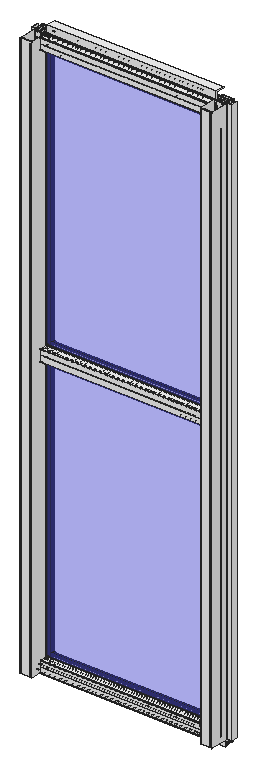
Revit family "Facade_60_Curtain_Wall_E12_Custom", category Windows, host Wall, Revit 2014 (continued)
Definition of nested family "F60 Vertical Profile Side_E12_Cust"
  Automatic sketch dimensions
    Extrusion 10 sketch curve to Extrusion 10 sketch curve = 15.584 mm  (x2)
    Extrusion 10 sketch curve to Extrusion 10 sketch curve = 0.808 mm  (x2)
    Extrusion 10 sketch curve to Extrusion 10 sketch curve = 3.038 mm
    Extrusion 10 sketch curve to Extrusion 10 sketch curve = 0.865 mm
    Extrusion 10 sketch curve to Extrusion 10 sketch curve = 1.25 mm  (x5)
    Extrusion 10 sketch curve to Extrusion 10 sketch curve = 0.61 mm
    plane 1 "Center (Front/Back)" to Extrusion 10 sketch curve = 31.288 mm
    Extrusion 10 sketch curve to Extrusion 10 sketch curve = 0.362 mm
    plane 1 "Center (Front/Back)" to Extrusion 10 sketch curve = 31.65 mm
    Extrusion 10 sketch curve to Extrusion 10 sketch curve = 0.962 mm
    Extrusion 10 sketch curve to Extrusion 10 sketch curve = 0.85 mm
    Extrusion 10 sketch curve to Extrusion 10 sketch curve = 0.512 mm  (x2)
    Extrusion 10 sketch curve to Extrusion 10 sketch curve = 0.4 mm  (x2)
    Extrusion 10 sketch curve to Extrusion 10 sketch curve = 1 mm
    Extrusion 10 sketch curve to Extrusion 10 sketch curve = 2.8 mm
    Extrusion 10 sketch curve to Extrusion 10 sketch curve = 0 mm  (x2)
    Extrusion 10 sketch curve to Extrusion 10 sketch curve = 1.4 mm
    Extrusion 10 sketch curve to Extrusion 10 sketch curve = 0.539 mm  (x2)
    plane 1 "Center (Front/Back)" to Extrusion 10 sketch curve = 28.864 mm
    Extrusion 11 sketch curve to plane 3 "Center (Left/Right)" = 0 mm
    plane 3 "Center (Left/Right)" to Extrusion 11 sketch curve = 0.65 mm
    Extrusion 11 sketch curve to Extrusion 11 sketch curve = 0.128 mm  (x2)
    plane 3 "Center (Left/Right)" to Extrusion 11 sketch curve = 1.014 mm
    plane 3 "Center (Left/Right)" to Extrusion 11 sketch curve = 1.05 mm
    Extrusion 11 sketch curve to Extrusion 11 sketch curve = 0.469 mm  (x2)
    Extrusion 11 sketch curve to Extrusion 11 sketch curve = 1.079 mm
    Extrusion 11 sketch curve to Extrusion 11 sketch curve = 1.317 mm  (x2)
    Extrusion 11 sketch curve to Extrusion 11 sketch curve = 0 mm  (x3)
    plane 3 "Center (Left/Right)" to Extrusion 11 sketch curve = 3.85 mm
    Extrusion 11 sketch curve to Extrusion 11 sketch curve = 0.15 mm  (x2)
    Extrusion 11 sketch curve to Extrusion 11 sketch curve = 26 mm  (x2)
    Extrusion 11 sketch curve to Extrusion 11 sketch curve = 1.05 mm
    Extrusion 11 sketch curve to Extrusion 11 sketch curve = 0.707 mm
    Extrusion 11 sketch curve to Extrusion 11 sketch curve = 0.433 mm
    plane 1 "Center (Front/Back)" to Extrusion 11 sketch curve = 31.288 mm
    plane 1 "Center (Front/Back)" to Extrusion 11 sketch curve = 28.065 mm
    Extrusion 11 sketch curve to Extrusion 11 sketch curve = 1.314 mm
    Extrusion 11 sketch curve to Extrusion 11 sketch curve = 0.65 mm
    Extrusion 11 sketch curve to Extrusion 11 sketch curve = 0.5 mm  (x2)
    plane 1 "Center (Front/Back)" to Extrusion 11 sketch curve = 32.75 mm
    Extrusion 11 sketch curve to Extrusion 11 sketch curve = 0.1 mm  (x3)
    Extrusion 11 sketch curve to Extrusion 11 sketch curve = 1.1 mm  (x2)
    Extrusion 11 sketch curve to Extrusion 11 sketch curve = 8.608 mm
    Extrusion 11 sketch curve to Extrusion 11 sketch curve = 0.962 mm
    Extrusion 12 sketch curve to plane 3 "Center (Left/Right)" = 21.349 mm
    Extrusion 12 sketch curve to Extrusion 12 sketch curve = 6.35 mm
    plane 3 "Center (Left/Right)" to Extrusion 12 sketch curve = 10.403 mm
    plane 1 "Center (Front/Back)" to Extrusion 12 sketch curve = 35.567 mm
    plane 1 "Center (Front/Back)" to Extrusion 12 sketch curve = 10.171 mm
    plane 1 "Center (Front/Back)" to Extrusion 12 sketch curve = 3.821 mm
    Extrusion 13 sketch curve to plane 3 "Center (Left/Right)" = 21.35 mm
    Extrusion 13 sketch curve to Extrusion 13 sketch curve = 6.35 mm
    plane 3 "Center (Left/Right)" to Extrusion 13 sketch curve = 10.402 mm
    plane 1 "Center (Front/Back)" to Extrusion 13 sketch curve = 33.172 mm
    plane 1 "Center (Front/Back)" to Extrusion 13 sketch curve = 7.775 mm
    plane 1 "Center (Front/Back)" to Extrusion 13 sketch curve = 1.425 mm
    Extrusion 14 sketch curve to plane 3 "Center (Left/Right)" = 0 mm
    plane 3 "Center (Left/Right)" to Extrusion 14 sketch curve = 1.2 mm
    Extrusion 14 sketch curve to Extrusion 14 sketch curve = 9.6 mm
    Extrusion 14 sketch curve to Extrusion 14 sketch curve = 1.2 mm  (x3)
    plane 1 "Center (Front/Back)" to Extrusion 14 sketch curve = 25.775 mm
    plane 1 "Center (Front/Back)" to Extrusion 14 sketch curve = 8.975 mm
    curve 4 to Extrusion 6 = 0 mm
    curve 3 to Extrusion 6 = 0 mm
    curve 1 to Extrusion 6 = 0 mm
    curve 4 to Extrusion 6 = 3.6 mm
    curve 3 to Extrusion 6 = 3.6 mm
    curve 1 to Extrusion 6 = 3.6 mm
    Extrusion 6 to curve 2 = 1 mm
    Extrusion 6 to curve 5 = 1 mm
    Extrusion 6 to curve 6 = 1 mm
    curve 6 to Extrusion 6 = 1 mm
    curve 5 to Extrusion 6 = 1 mm
    curve 2 to Extrusion 6 = 1 mm
    curve 9 to Extrusion 6 = 0 mm
    curve 8 to Extrusion 6 = 0 mm
    curve 7 to Extrusion 6 = 0 mm
    Extrusion 6 to curve 8 = 3.6 mm
    Extrusion 6 to curve 9 = 3.6 mm
    Extrusion 6 to curve 7 = 3.6 mm
    curve 12 to Extrusion 5 = 25.894 mm
    curve 11 to Extrusion 5 = 25.894 mm
    curve 10 to Extrusion 5 = 25.894 mm
    curve 10 to Extrusion 5 = 0.108 mm
    Extrusion 5 to curve 12 = 0.703 mm
    Extrusion 5 to curve 11 = 0.703 mm
    curve 13 to Extrusion 5 = 4 mm
    curve 14 to Extrusion 5 = 4 mm
    curve 15 to Extrusion 5 = 4 mm
    Extrusion 5 to curve 15 = 0.702 mm
    Extrusion 5 to curve 14 = 0.702 mm
    Extrusion 5 to curve 13 = 0.702 mm
    curve 18 to Extrusion 7 = 0 mm
    curve 17 to Extrusion 7 = 0 mm
    curve 16 to Extrusion 7 = 0 mm
    Extrusion 7 to curve 17 = 3.6 mm
    Extrusion 7 to curve 18 = 3.6 mm
    Extrusion 7 to curve 16 = 3.6 mm
    Extrusion 7 to curve 21 = 1 mm  (x2)
    Extrusion 7 to curve 20 = 1 mm  (x2)
    Extrusion 7 to curve 19 = 1 mm  (x2)
    curve 24 to Extrusion 7 = 0 mm
    curve 23 to Extrusion 7 = 0 mm
    curve 22 to Extrusion 7 = 0 mm
    curve 24 to Extrusion 7 = 3.6 mm
    curve 23 to Extrusion 7 = 3.6 mm
    curve 22 to Extrusion 7 = 3.6 mm
    curve 27 to Extrusion 8 = 0 mm
    curve 26 to Extrusion 8 = 0 mm
    curve 25 to Extrusion 8 = 0 mm
    Extrusion 8 to curve 26 = 3.6 mm
    Extrusion 8 to curve 27 = 3.6 mm
    Extrusion 8 to curve 25 = 3.6 mm
    Extrusion 8 to curve 30 = 0.221 mm
    Extrusion 8 to curve 29 = 0.221 mm
    Extrusion 8 to curve 28 = 0.221 mm
    curve 29 to Extrusion 8 = 0.222 mm
    curve 30 to Extrusion 8 = 0.222 mm
    curve 28 to Extrusion 8 = 0.222 mm
    curve 33 to Extrusion 8 = 0 mm
    curve 32 to Extrusion 8 = 0 mm
    curve 31 to Extrusion 8 = 0 mm
    curve 33 to Extrusion 8 = 3.6 mm
    curve 32 to Extrusion 8 = 3.6 mm
    curve 31 to Extrusion 8 = 3.6 mm
    curve 34 to Extrusion 11 = 4.016 mm
    curve 35 to Extrusion 11 = 4.016 mm
    curve 36 to Extrusion 11 = 3.97 mm
    Extrusion 11 to curve 36 = 0.637 mm
    Extrusion 11 to curve 35 = 0.637 mm
    Extrusion 11 to curve 34 = 0.637 mm
    curve 37 to Extrusion 11 = 29.221 mm
    curve 38 to Extrusion 11 = 29.221 mm
    curve 39 to Extrusion 11 = 29.221 mm
    Extrusion 11 to curve 39 = 3.222 mm
    Extrusion 11 to curve 38 = 3.222 mm
    Extrusion 11 to curve 37 = 3.222 mm
Definition of nested family "F60 Horizontal Profile Top_E12_Cust"
  Parameters (values of type "F60 Horizontal Profile Top")
    Thermal Break Material [instance] = none
    Single Glazing [instance] = yes
    Profile Material [instance] = none
    Length [instance] = 250 mm
    Double Glazing [instance] = yes
  Reference planes
    plane 1 "Center (Front/Back)": y = 0
    plane 2: z = 0
    plane 3 "Center (Left/Right)": x = 0
  Forms (mm)
    Extrusion 1, solid, material <- "Profile Material"
      sketch origin (0, 0, 0) x (0, 1, 0) y (0, 0, 1)
        loop
          line (-9.94, 7.845) -> (-8.37, 6.275) -> (-1.2, 10.415) -> (-1.2, 1.2) -> (-5, 1.2) -> (-5, 0) -> (-1, 0)
          arc (-1, 0) -> (-0.293, 0.293) -> (0, 1) r 1
          line (0, 1) -> (0, 30) -> (0, 59)
          arc (0, 59) -> (-0.293, 59.707) -> (-1, 60) r 1
          line (-1, 60) -> (-5, 60) -> (-5, 58.8) -> (-1.2, 58.8) -> (-1.2, 49.585) -> (-8.37, 53.725) -> (-9.94, 52.155)
          arc (-9.94, 52.155) -> (-9.902, 51.269) -> (-9.016, 51.232) r 0.655
          line (-9.016, 51.232) -> (-8.077, 52.17) -> (-1.2, 48.2) -> (-1.2, 30) -> (-1.2, 11.8) -> (-8.077, 7.83) -> (-9.016, 8.768)
          arc (-9.016, 8.768) -> (-9.902, 8.731) -> (-9.94, 7.845) r 0.655
      from 0 to 250 <- "Length"
    Extrusion 2, solid, material <- "Profile Material"
      sketch origin (0, 0, 0) x (0, 1, 0) y (0, 0, 1)
        loop
          line (-5, 60) -> (-44.6, 60) -> (-44.6, 58.35) -> (-39.944, 58.35) -> (-39.944, 1.65) -> (-44.6, 1.65) -> (-44.6, 0) -> (-5, 0) -> (-5, 2.2) -> (-4.2, 2.2) -> (-4.2, 3.018)
          arc (-4.2, 3.018) -> (-4.352, 3.783) -> (-4.786, 4.432) r 2
          line (-4.786, 4.432) -> (-7.054, 6.7) -> (-8, 6.489) -> (-8, 5.7) -> (-7.205, 5.7) -> (-7.205, 2.95) -> (-8, 2.95) -> (-8, 1.95) -> (-12.752, 1.95) -> (-12.752, 6.7) -> (-14.152, 6.7) -> (-14.152, 1.65) -> (-38.65, 1.65) -> (-38.65, 8.33) -> (-37.097, 8.33) -> (-34.666, 6.973)
          arc (-34.666, 6.973) -> (-33.846, 7.192) -> (-34.066, 8.012) r 0.6
          line (-34.066, 8.012) -> (-37.128, 9.78) -> (-38.65, 9.78) -> (-38.65, 12.65) -> (-37.6, 13.7) -> (-37.6, 20.3) -> (-38.65, 21.35) -> (-38.65, 38.65) -> (-37.6, 39.7) -> (-37.6, 46.3) -> (-38.65, 47.35) -> (-38.65, 50.22) -> (-37.128, 50.22) -> (-34.066, 51.988)
          arc (-34.066, 51.988) -> (-33.846, 52.808) -> (-34.666, 53.027) r 0.6
          line (-34.666, 53.027) -> (-37.032, 51.661) -> (-38.65, 51.661) -> (-38.65, 58.35) -> (-14.152, 58.35) -> (-14.152, 53.3) -> (-12.752, 53.3) -> (-12.752, 58.05) -> (-8, 58.05) -> (-8, 57.05) -> (-7.205, 57.05) -> (-7.205, 54.3) -> (-8, 54.3) -> (-8, 53.511) -> (-7.054, 53.3) -> (-4.786, 55.568)
          arc (-4.786, 55.568) -> (-4.352, 56.217) -> (-4.2, 56.982) r 2
          line (-4.2, 56.982) -> (-4.2, 57.8) -> (-5, 57.8) -> (-5, 60)
      from 0 to 250 <- "Length"
    Extrusion 3, solid, material <- "Thermal Break Material"
      sketch origin (0, 0, 0) x (0, 1, 0) y (0, 0, 1)
        loop
          line (-40, 1.75) -> (-40, 30) -> (-40, 58.25) -> (-44.6, 58.25) -> (-44.6, 60) -> (-45.9, 60) -> (-45.9, 53.65) -> (-41.788, 53.65)
          arc (-41.788, 53.65) -> (-41.363, 53.474) -> (-41.187, 53.05) r 0.6
          line (-41.187, 53.05) -> (-41.187, 30) -> (-41.187, 6.95)
          arc (-41.187, 6.95) -> (-41.363, 6.526) -> (-41.788, 6.35) r 0.6
          line (-41.788, 6.35) -> (-45.9, 6.35) -> (-45.9, 0) -> (-44.6, 0) -> (-44.6, 1.75) -> (-40, 1.75)
      from 0 to 250 <- "Length"
    Extrusion 4, solid, material <- "Profile Material"
      sketch origin (0, 0, 0) x (0, 1, 0) y (0, 0, 1)
        loop
          line (-58.5, 25.249) -> (-43.6, 25.249)
          arc (-43.6, 25.249) -> (-43.034, 25.015) -> (-42.8, 24.449) r 0.8
          line (-42.8, 24.449) -> (-42.8, 7.9) -> (-44.4, 7.9) -> (-44.4, 9.45) -> (-45.25, 9.45)
          arc (-45.25, 9.45) -> (-45.674, 9.274) -> (-45.85, 8.85) r 0.6
          line (-45.85, 8.85) -> (-45.85, 7.9) -> (-48.8, 7.9)
          arc (-48.8, 7.9) -> (-49.3, 8.4) -> (-49.8, 7.9) r 0.5
          line (-49.8, 7.9) -> (-49.8, 5.55) -> (-48.65, 5.55) -> (-48.65, 6.7) -> (-47.35, 6.7) -> (-47.35, 1.2) -> (-48.65, 1.2) -> (-48.65, 2.35) -> (-49.8, 2.35) -> (-49.8, 0.5)
          arc (-49.8, 0.5) -> (-49.654, 0.146) -> (-49.3, 0) r 0.5
          line (-49.3, 0) -> (-45.9, 0) -> (-45.9, 6.45) -> (-42.2, 6.45)
          arc (-42.2, 6.45) -> (-41.634, 6.684) -> (-41.4, 7.25) r 0.8
          line (-41.4, 7.25) -> (-41.4, 30) -> (-41.4, 52.75)
          arc (-41.4, 52.75) -> (-41.634, 53.316) -> (-42.2, 53.55) r 0.8
          line (-42.2, 53.55) -> (-45.9, 53.55) -> (-45.9, 60) -> (-49.3, 60)
          arc (-49.3, 60) -> (-49.654, 59.854) -> (-49.8, 59.5) r 0.5
          line (-49.8, 59.5) -> (-49.8, 57.65) -> (-48.65, 57.65) -> (-48.65, 58.8) -> (-47.35, 58.8) -> (-47.35, 53.3) -> (-48.65, 53.3) -> (-48.65, 54.45) -> (-49.8, 54.45) -> (-49.8, 52.1)
          arc (-49.8, 52.1) -> (-49.3, 51.6) -> (-48.8, 52.1) r 0.5
          line (-48.8, 52.1) -> (-45.85, 52.1) -> (-45.85, 51.15)
          arc (-45.85, 51.15) -> (-45.674, 50.726) -> (-45.25, 50.55) r 0.6
          line (-45.25, 50.55) -> (-44.4, 50.55) -> (-44.4, 52.1) -> (-42.8, 52.1) -> (-42.8, 35.551)
          arc (-42.8, 35.551) -> (-43.034, 34.985) -> (-43.6, 34.751) r 0.8
          line (-43.6, 34.751) -> (-58.5, 34.751)
          arc (-58.5, 34.751) -> (-59.066, 34.516) -> (-59.3, 33.951) r 0.8
          line (-59.3, 33.951) -> (-59.3, 32.902) -> (-42.8, 32.902) -> (-42.8, 27.1) -> (-59.3, 27.1) -> (-59.3, 26.049)
          arc (-59.3, 26.049) -> (-59.066, 25.484) -> (-58.5, 25.249) r 0.8
      from 0 to 250 <- "Length"
    Extrusion 5, solid, material <- "Thermal Break Material", visible <- "Single Glazing"
      sketch origin (0, 0, 0) x (0, 1, 0) y (0, 0, 1)
        loop
          arc (-63.8, 25.751) -> (-63.654, 25.397) -> (-63.3, 25.251) r 0.5
          line (-63.3, 25.251) -> (-59.8, 25.251)
          arc (-59.8, 25.251) -> (-59.446, 25.397) -> (-59.3, 25.751) r 0.5
          line (-59.3, 25.751) -> (-59.3, 27.648) -> (-49.599, 27.648) -> (-47.528, 28.651)
          arc (-47.528, 28.651) -> (-46.803, 30.001) -> (-47.528, 31.351) r 1.62
          line (-47.528, 31.351) -> (-49.599, 32.353) -> (-59.3, 32.353) -> (-59.3, 34.251)
          arc (-59.3, 34.251) -> (-59.446, 34.604) -> (-59.8, 34.751) r 0.5
          line (-59.8, 34.751) -> (-63.3, 34.751)
          arc (-63.3, 34.751) -> (-63.654, 34.604) -> (-63.8, 34.251) r 0.5
          line (-63.8, 34.251) -> (-63.8, 32.328) -> (-62.4, 31.52) -> (-62.4, 28.483) -> (-63.8, 27.673) -> (-63.8, 25.751)
        loop
          line (-59.794, 28.506) -> (-59.006, 29.294)
          arc (-59.006, 29.294) -> (-58.788, 29.618) -> (-58.713, 30.001) r 0.986
          arc (-58.713, 30.001) -> (-58.79, 30.384) -> (-59.008, 30.71) r 1.007
          line (-59.008, 30.71) -> (-59.794, 31.496) -> (-60.65, 31.496)
          arc (-60.65, 31.496) -> (-61.004, 31.349) -> (-61.15, 30.996) r 0.5
          line (-61.15, 30.996) -> (-61.15, 29.006)
          arc (-61.15, 29.006) -> (-61.004, 28.652) -> (-60.65, 28.506) r 0.5
          line (-60.65, 28.506) -> (-59.794, 28.506)
        loop
          line (-47.854, 30.898) -> (-49.415, 31.653) -> (-56.782, 31.653)
          arc (-56.782, 31.653) -> (-57.207, 31.417) -> (-57.23, 30.932) r 0.5
          arc (-57.23, 30.932) -> (-57.013, 30.001) -> (-57.23, 29.07) r 2.099
          arc (-57.23, 29.07) -> (-57.207, 28.584) -> (-56.782, 28.348) r 0.5
          line (-56.782, 28.348) -> (-49.415, 28.348) -> (-48.055, 29.007)
          arc (-48.055, 29.007) -> (-47.35, 29.888) -> (-47.854, 30.898) r 1.047
      from 0 to 250 <- "Length"
    Extrusion 6, solid, material <- "Profile Material", visible <- "Single Glazing"
      sketch origin (0, 0, 0) x (0, 1, 0) y (0, 0, 1)
        loop
          line (-63.8, 52.694) -> (-64.8, 52.694) -> (-64.8, 51.544) -> (-66.05, 51.544) -> (-66.05, 57.044) -> (-64.8, 57.044) -> (-64.8, 55.894) -> (-63.8, 55.894) -> (-63.8, 58.294)
          arc (-63.8, 58.294) -> (-64.082, 58.803) -> (-64.664, 58.835) r 0.6
          line (-64.664, 58.835) -> (-66.562, 57.91) -> (-67.088, 58.988) -> (-68.05, 58.519) -> (-68.05, 48.513)
          arc (-68.05, 48.513) -> (-67.874, 48.089) -> (-67.45, 47.913) r 0.6
          line (-67.45, 47.913) -> (-66.6, 47.913) -> (-66.6, 12.09) -> (-67.45, 12.09)
          arc (-67.45, 12.09) -> (-67.874, 11.914) -> (-68.05, 11.49) r 0.6
          line (-68.05, 11.49) -> (-68.05, 1.485) -> (-67.088, 1.016) -> (-66.562, 2.095) -> (-64.663, 1.169)
          arc (-64.663, 1.169) -> (-64.082, 1.2) -> (-63.8, 1.709) r 0.6
          line (-63.8, 1.709) -> (-63.8, 4.109) -> (-64.8, 4.109) -> (-64.8, 2.959) -> (-66.05, 2.959) -> (-66.05, 8.459) -> (-64.8, 8.459) -> (-64.8, 7.309) -> (-63.8, 7.309) -> (-63.8, 27.674) -> (-62.4, 28.483) -> (-62.4, 31.521) -> (-63.8, 32.329) -> (-63.8, 52.694)
      from 0 to 250 <- "Length"
    Extrusion 7, solid, material <- "Profile Material", visible <- "Single Glazing"
      sketch origin (0, 0, 0) x (0, 1, 0) y (0, 0, 1)
        loop
          line (-68.551, 3.3) -> (-76.559, 3.3) -> (-76.559, 30) -> (-76.559, 56.15)
          arc (-76.559, 56.15) -> (-75.739, 58.13) -> (-73.759, 58.95) r 2.8
          line (-73.759, 58.95) -> (-69.151, 58.95) -> (-69.151, 57.2)
          arc (-69.151, 57.2) -> (-68.987, 56.829) -> (-68.601, 56.703) r 0.5
          arc (-68.601, 56.703) -> (-68.216, 56.829) -> (-68.051, 57.2) r 0.5
          line (-68.051, 57.2) -> (-68.051, 58.517) -> (-67.089, 58.986) -> (-66.563, 57.907) -> (-63.866, 59.222)
          arc (-63.866, 59.222) -> (-64.001, 59.762) -> (-64.504, 60) r 0.65
          line (-64.504, 60) -> (-73.859, 60)
          arc (-73.859, 60) -> (-76.687, 58.828) -> (-77.859, 56) r 4
          line (-77.859, 56) -> (-77.859, 30) -> (-77.859, 2.493)
          arc (-77.859, 2.493) -> (-77.197, 0.799) -> (-75.562, 0.002) r 2.5
          arc (-75.562, 0.002) -> (-75.182, 0.132) -> (-75.021, 0.5) r 0.5
          line (-75.021, 0.5) -> (-75.021, 2) -> (-69.151, 2) -> (-69.151, 0.5)
          arc (-69.151, 0.5) -> (-69.005, 0.146) -> (-68.651, 0) r 0.5
          line (-68.651, 0) -> (-64.504, 0)
          arc (-64.504, 0) -> (-64.001, 0.238) -> (-63.866, 0.778) r 0.65
          line (-63.866, 0.778) -> (-66.563, 2.093) -> (-67.089, 1.014) -> (-68.051, 1.483) -> (-68.051, 2.8)
          arc (-68.051, 2.8) -> (-68.198, 3.154) -> (-68.551, 3.3) r 0.5
      from 0 to 250 <- "Length"
    Extrusion 8, solid, material <- "Thermal Break Material", visible <- "Double Glazing"
      sketch origin (0, 0, 0) x (0, 1, 0) y (0, 0, 1)
        loop
          line (-77.8, 27.673) -> (-77.8, 25.751)
          arc (-77.8, 25.751) -> (-77.654, 25.397) -> (-77.3, 25.251) r 0.5
          line (-77.3, 25.251) -> (-59.8, 25.251)
          arc (-59.8, 25.251) -> (-59.446, 25.397) -> (-59.3, 25.751) r 0.5
          line (-59.3, 25.751) -> (-59.3, 27.647) -> (-49.599, 27.647) -> (-47.528, 28.649)
          arc (-47.528, 28.649) -> (-46.803, 29.999) -> (-47.528, 31.349) r 1.62
          line (-47.528, 31.349) -> (-49.602, 32.353) -> (-59.3, 32.353) -> (-59.3, 34.251)
          arc (-59.3, 34.251) -> (-59.446, 34.604) -> (-59.8, 34.751) r 0.5
          line (-59.8, 34.751) -> (-77.3, 34.751)
          arc (-77.3, 34.751) -> (-77.654, 34.604) -> (-77.8, 34.251) r 0.5
          line (-77.8, 34.251) -> (-77.8, 32.327) -> (-76.4, 31.52) -> (-76.4, 28.482) -> (-77.8, 27.673)
        loop
          line (-59.006, 30.708) -> (-61.156, 32.858)
          arc (-61.156, 32.858) -> (-61.48, 33.074) -> (-61.863, 33.151) r 1
          line (-61.863, 33.151) -> (-73.8, 33.151)
          arc (-73.8, 33.151) -> (-74.507, 32.858) -> (-74.8, 32.151) r 1
          line (-74.8, 32.151) -> (-74.8, 27.851)
          arc (-74.8, 27.851) -> (-74.507, 27.144) -> (-73.8, 26.851) r 1
          line (-73.8, 26.851) -> (-61.863, 26.851)
          arc (-61.863, 26.851) -> (-61.48, 26.927) -> (-61.156, 27.144) r 1
          line (-61.156, 27.144) -> (-59.006, 29.294)
          arc (-59.006, 29.294) -> (-58.788, 29.618) -> (-58.713, 30.001) r 0.986
          arc (-58.713, 30.001) -> (-58.79, 30.383) -> (-59.006, 30.708) r 1.007
        loop
          line (-56.782, 28.347) -> (-49.415, 28.347) -> (-48.055, 29.005)
          arc (-48.055, 29.005) -> (-47.35, 29.887) -> (-47.854, 30.896) r 1.047
          line (-47.854, 30.896) -> (-49.415, 31.652) -> (-56.782, 31.652)
          arc (-56.782, 31.652) -> (-57.207, 31.416) -> (-57.23, 30.93) r 0.5
          arc (-57.23, 30.93) -> (-57.013, 29.999) -> (-57.23, 29.068) r 2.099
          arc (-57.23, 29.068) -> (-57.207, 28.583) -> (-56.782, 28.347) r 0.5
      from 0 to 250 <- "Length"
    Extrusion 9, solid, material <- "Profile Material", visible <- "Double Glazing"
      sketch origin (0, 0, 0) x (0, 1, 0) y (0, 0, 1)
        loop
          line (-77.8, 52.694) -> (-78.8, 52.694) -> (-78.8, 51.544) -> (-80.05, 51.544) -> (-80.05, 57.044) -> (-78.8, 57.044) -> (-78.8, 55.894) -> (-77.8, 55.894) -> (-77.8, 58.294)
          arc (-77.8, 58.294) -> (-78.082, 58.802) -> (-78.664, 58.834) r 0.6
          line (-78.664, 58.834) -> (-80.562, 57.909) -> (-81.088, 58.988) -> (-82.05, 58.518) -> (-82.05, 48.512)
          arc (-82.05, 48.512) -> (-81.874, 48.088) -> (-81.45, 47.912) r 0.6
          line (-81.45, 47.912) -> (-80.6, 47.912) -> (-80.6, 12.089) -> (-81.45, 12.089)
          arc (-81.45, 12.089) -> (-81.874, 11.913) -> (-82.05, 11.489) r 0.6
          line (-82.05, 11.489) -> (-82.05, 1.484) -> (-81.088, 1.015) -> (-80.562, 2.094) -> (-78.663, 1.169)
          arc (-78.663, 1.169) -> (-78.082, 1.199) -> (-77.8, 1.708) r 0.6
          line (-77.8, 1.708) -> (-77.8, 4.108) -> (-78.8, 4.108) -> (-78.8, 2.958) -> (-80.05, 2.958) -> (-80.05, 8.458) -> (-78.8, 8.458) -> (-78.8, 7.308) -> (-77.8, 7.308) -> (-77.8, 27.673) -> (-76.4, 28.482) -> (-76.4, 31.52) -> (-77.8, 32.328) -> (-77.8, 52.694)
      from 0 to 250 <- "Length"
    Extrusion 10, solid, material <- "Profile Material", visible <- "Double Glazing"
      sketch origin (0, 0, 0) x (0, 1, 0) y (0, 0, 1)
        loop
          line (-82.551, 3.3) -> (-90.558, 3.3) -> (-90.558, 30) -> (-90.558, 56.15)
          arc (-90.558, 56.15) -> (-89.738, 58.13) -> (-87.758, 58.95) r 2.8
          line (-87.758, 58.95) -> (-83.151, 58.95) -> (-83.151, 57.2)
          arc (-83.151, 57.2) -> (-82.986, 56.829) -> (-82.601, 56.703) r 0.5
          arc (-82.601, 56.703) -> (-82.215, 56.829) -> (-82.051, 57.2) r 0.5
          line (-82.051, 57.2) -> (-82.051, 58.517) -> (-81.088, 58.986) -> (-80.563, 57.907) -> (-77.866, 59.222)
          arc (-77.866, 59.222) -> (-78, 59.762) -> (-78.503, 60) r 0.65
          line (-78.503, 60) -> (-87.858, 60)
          arc (-87.858, 60) -> (-90.687, 58.828) -> (-91.858, 56) r 4
          line (-91.858, 56) -> (-91.858, 30) -> (-91.858, 2.493)
          arc (-91.858, 2.493) -> (-91.196, 0.799) -> (-89.561, 0.002) r 2.5
          arc (-89.561, 0.002) -> (-89.182, 0.132) -> (-89.021, 0.5) r 0.5
          line (-89.021, 0.5) -> (-89.021, 2) -> (-83.151, 2) -> (-83.151, 0.5)
          arc (-83.151, 0.5) -> (-83.004, 0.146) -> (-82.651, 0) r 0.5
          line (-82.651, 0) -> (-78.503, 0)
          arc (-78.503, 0) -> (-78, 0.238) -> (-77.866, 0.778) r 0.65
          line (-77.866, 0.778) -> (-80.563, 2.093) -> (-81.088, 1.014) -> (-82.051, 1.483) -> (-82.051, 2.8)
          arc (-82.051, 2.8) -> (-82.197, 3.154) -> (-82.551, 3.3) r 0.5
      from 0 to 250 <- "Length"
    Extrusion 11, solid, material <- "Profile Material", visible <- "Double Glazing"
      sketch origin (0, 0, 0) x (0, 1, 0) y (0, 0, 1)
        loop
          line (-57.8, 45.73) -> (-51.8, 45.73) -> (-51.8, 95.73) -> (-101.8, 95.73) -> (-101.8, 89.73) -> (-57.8, 89.73) -> (-57.8, 45.73)
      from 0 to 250 <- "Length"
    Extrusion 12, solid, material <- "Profile Material", visible <- "Double Glazing"
      sketch origin (0, 0, 0) x (0, 1, 0) y (0, 0, 1)
        loop
          line (-75.8, 48) -> (-57.8, 48) -> (-57.8, 60) -> (-75.8, 60) -> (-75.8, 48)
        loop
          line (-74.6, 49.2) -> (-59, 49.2) -> (-59, 58.8) -> (-74.6, 58.8) -> (-74.6, 49.2)
      from 0 to 250 <- "Length"
    Extrusion 13, solid, material <- "Profile Material", visible <- "Single Glazing"
      sketch origin (0, 0, 0) x (0, 1, 0) y (0, 0, 1)
        loop
          line (-59.8, 45.865) -> (-53.8, 45.865) -> (-53.8, 95.865) -> (-103.8, 95.865) -> (-103.8, 89.865) -> (-59.8, 89.865) -> (-59.8, 45.865)
      from 0 to 250 <- "Length"
  Dimensions and locks
    aligned and locked: level to plane 2
Definition of nested family "F60 Sill_E12_Cust"
  Parameters (values of type "F60 Sill")
    Profile Material [instance] = none
    Length Sill [instance] = 250 mm
  Reference planes
    plane 1 "Center (Front/Back)": y = 0
    plane 2: z = 0
    plane 3 "Center (Left/Right)": x = 0
  Forms (mm)
    Extrusion 1, solid, material <- "Profile Material"
      sketch origin (0, 0, 0) x (0, 1, 0) y (0, 0, 1)
        loop
          line (-42.734, 5.324) -> (-48.256, 4.643)
          arc (-48.256, 4.643) -> (-49.196, 4.147) -> (-49.572, 3.154) r 1.5
          line (-49.572, 3.154) -> (-49.572, 1.88) -> (-47.772, 1.88) -> (-47.772, 3.191) -> (-19.233, 6.714)
          arc (-19.233, 6.714) -> (-17.924, 7.083) -> (-16.785, 7.826) r 4.5
          line (-16.785, 7.826) -> (-16.785, 1.88) -> (-15.285, 1.88) -> (-15.285, 24.58)
          arc (-15.285, 24.58) -> (-15.109, 25.004) -> (-14.685, 25.18) r 0.6
          line (-14.685, 25.18) -> (-4.072, 25.18) -> (-4.072, 1.88) -> (-2.572, 1.88) -> (-2.572, 29.88) -> (-4.072, 29.88) -> (-4.072, 28.88) -> (-5.222, 28.88) -> (-5.222, 27.68) -> (-4.072, 27.68) -> (-4.072, 26.38) -> (-9.572, 26.38) -> (-9.572, 27.68) -> (-8.422, 27.68) -> (-8.422, 28.88) -> (-10.172, 28.88)
          arc (-10.172, 28.88) -> (-10.597, 28.704) -> (-10.772, 28.28) r 0.6
          line (-10.772, 28.28) -> (-10.772, 26.38) -> (-15.285, 26.38)
          arc (-15.285, 26.38) -> (-16.345, 25.941) -> (-16.785, 24.88) r 1.5
          line (-16.785, 24.88) -> (-16.785, 11.18)
          arc (-16.785, 11.18) -> (-17.537, 9.193) -> (-19.417, 8.203) r 3
          line (-19.417, 8.203) -> (-39.35, 5.742)
          arc (-39.35, 5.742) -> (-40.527, 6.107) -> (-41.034, 7.231) r 1.5
          line (-41.034, 7.231) -> (-41.034, 19.996)
          arc (-41.034, 19.996) -> (-40.883, 20.394) -> (-40.507, 20.592) r 0.6
          line (-40.507, 20.592) -> (-32.917, 21.529)
          arc (-32.917, 21.529) -> (-31.977, 22.024) -> (-31.601, 23.017) r 1.5
          line (-31.601, 23.017) -> (-31.601, 28.88) -> (-33.101, 28.88) -> (-33.101, 23.548)
          arc (-33.101, 23.548) -> (-33.251, 23.15) -> (-33.627, 22.952) r 0.6
          line (-33.627, 22.952) -> (-45.787, 21.451)
          arc (-45.787, 21.451) -> (-46.727, 20.956) -> (-47.104, 19.962) r 1.5
          line (-47.104, 19.962) -> (-47.104, 19.054)
          arc (-47.104, 19.054) -> (-46.957, 18.7) -> (-46.604, 18.554) r 0.5
          line (-46.604, 18.554) -> (-45.604, 18.554) -> (-45.604, 19.962) -> (-42.734, 20.317) -> (-42.734, 5.324)
      from 0 to 250 <- "Length Sill"
  Dimensions and locks
    aligned and locked: level to plane 2
Definition of nested family "F60 Horizontal Profile Bottom_E12_Cust"
  Parameters (values of type "F60 Horizontal Profile Bottom")
    Thermal Break Material [instance] = none
    Single Glazing [instance] = yes
    Profile Material [instance] = none
    Length [instance] = 250 mm
    Double Glazing [instance] = yes
  Reference planes
    plane 1 "Center (Front/Back)": y = 0
    plane 2: z = 0
    plane 3 "Center (Left/Right)": x = 0
  Forms (mm)
    Extrusion 1, solid, material <- "Profile Material"
      sketch origin (0, 0, 0) x (0, 1, 0) y (0, 0, 1)
        loop
          line (-9.94, 7.845) -> (-8.37, 6.275) -> (-1.2, 10.415) -> (-1.2, 1.2) -> (-5, 1.2) -> (-5, 0) -> (-1, 0)
          arc (-1, 0) -> (-0.293, 0.293) -> (0, 1) r 1
          line (0, 1) -> (0, 30) -> (0, 59)
          arc (0, 59) -> (-0.293, 59.707) -> (-1, 60) r 1
          line (-1, 60) -> (-5, 60) -> (-5, 58.8) -> (-1.2, 58.8) -> (-1.2, 49.585) -> (-8.37, 53.725) -> (-9.94, 52.155)
          arc (-9.94, 52.155) -> (-9.902, 51.269) -> (-9.016, 51.232) r 0.655
          line (-9.016, 51.232) -> (-8.077, 52.17) -> (-1.2, 48.2) -> (-1.2, 30) -> (-1.2, 11.8) -> (-8.077, 7.83) -> (-9.016, 8.768)
          arc (-9.016, 8.768) -> (-9.902, 8.731) -> (-9.94, 7.845) r 0.655
      from 0 to 250 <- "Length"
    Extrusion 2, solid, material <- "Profile Material"
      sketch origin (0, 0, 0) x (0, 1, 0) y (0, 0, 1)
        loop
          line (-5, 60) -> (-44.6, 60) -> (-44.6, 58.35) -> (-39.944, 58.35) -> (-39.944, 1.65) -> (-44.6, 1.65) -> (-44.6, 0) -> (-5, 0) -> (-5, 2.2) -> (-4.2, 2.2) -> (-4.2, 3.018)
          arc (-4.2, 3.018) -> (-4.352, 3.783) -> (-4.786, 4.432) r 2
          line (-4.786, 4.432) -> (-7.054, 6.7) -> (-8, 6.489) -> (-8, 5.7) -> (-7.205, 5.7) -> (-7.205, 2.95) -> (-8, 2.95) -> (-8, 1.95) -> (-12.752, 1.95) -> (-12.752, 6.7) -> (-14.152, 6.7) -> (-14.152, 1.65) -> (-38.65, 1.65) -> (-38.65, 8.33) -> (-37.097, 8.33) -> (-34.666, 6.973)
          arc (-34.666, 6.973) -> (-33.846, 7.192) -> (-34.066, 8.012) r 0.6
          line (-34.066, 8.012) -> (-37.128, 9.78) -> (-38.65, 9.78) -> (-38.65, 12.65) -> (-37.6, 13.7) -> (-37.6, 20.3) -> (-38.65, 21.35) -> (-38.65, 38.65) -> (-37.6, 39.7) -> (-37.6, 46.3) -> (-38.65, 47.35) -> (-38.65, 50.22) -> (-37.128, 50.22) -> (-34.066, 51.988)
          arc (-34.066, 51.988) -> (-33.846, 52.808) -> (-34.666, 53.027) r 0.6
          line (-34.666, 53.027) -> (-37.032, 51.661) -> (-38.65, 51.661) -> (-38.65, 58.35) -> (-14.152, 58.35) -> (-14.152, 53.3) -> (-12.752, 53.3) -> (-12.752, 58.05) -> (-8, 58.05) -> (-8, 57.05) -> (-7.205, 57.05) -> (-7.205, 54.3) -> (-8, 54.3) -> (-8, 53.511) -> (-7.054, 53.3) -> (-4.786, 55.568)
          arc (-4.786, 55.568) -> (-4.352, 56.217) -> (-4.2, 56.982) r 2
          line (-4.2, 56.982) -> (-4.2, 57.8) -> (-5, 57.8) -> (-5, 60)
      from 0 to 250 <- "Length"
    Extrusion 3, solid, material <- "Thermal Break Material"
      sketch origin (0, 0, 0) x (0, 1, 0) y (0, 0, 1)
        loop
          line (-40, 1.75) -> (-40, 30) -> (-40, 58.25) -> (-44.6, 58.25) -> (-44.6, 60) -> (-45.9, 60) -> (-45.9, 53.65) -> (-41.788, 53.65)
          arc (-41.788, 53.65) -> (-41.363, 53.474) -> (-41.187, 53.05) r 0.6
          line (-41.187, 53.05) -> (-41.187, 30) -> (-41.187, 6.95)
          arc (-41.187, 6.95) -> (-41.363, 6.526) -> (-41.788, 6.35) r 0.6
          line (-41.788, 6.35) -> (-45.9, 6.35) -> (-45.9, 0) -> (-44.6, 0) -> (-44.6, 1.75) -> (-40, 1.75)
      from 0 to 250 <- "Length"
    Extrusion 4, solid, material <- "Profile Material"
      sketch origin (0, 0, 0) x (0, 1, 0) y (0, 0, 1)
        loop
          line (-58.5, 25.249) -> (-43.6, 25.249)
          arc (-43.6, 25.249) -> (-43.034, 25.015) -> (-42.8, 24.449) r 0.8
          line (-42.8, 24.449) -> (-42.8, 7.9) -> (-44.4, 7.9) -> (-44.4, 9.45) -> (-45.25, 9.45)
          arc (-45.25, 9.45) -> (-45.674, 9.274) -> (-45.85, 8.85) r 0.6
          line (-45.85, 8.85) -> (-45.85, 7.9) -> (-48.8, 7.9)
          arc (-48.8, 7.9) -> (-49.3, 8.4) -> (-49.8, 7.9) r 0.5
          line (-49.8, 7.9) -> (-49.8, 5.55) -> (-48.65, 5.55) -> (-48.65, 6.7) -> (-47.35, 6.7) -> (-47.35, 1.2) -> (-48.65, 1.2) -> (-48.65, 2.35) -> (-49.8, 2.35) -> (-49.8, 0.5)
          arc (-49.8, 0.5) -> (-49.654, 0.146) -> (-49.3, 0) r 0.5
          line (-49.3, 0) -> (-45.9, 0) -> (-45.9, 6.45) -> (-42.2, 6.45)
          arc (-42.2, 6.45) -> (-41.634, 6.684) -> (-41.4, 7.25) r 0.8
          line (-41.4, 7.25) -> (-41.4, 30) -> (-41.4, 52.75)
          arc (-41.4, 52.75) -> (-41.634, 53.316) -> (-42.2, 53.55) r 0.8
          line (-42.2, 53.55) -> (-45.9, 53.55) -> (-45.9, 60) -> (-49.3, 60)
          arc (-49.3, 60) -> (-49.654, 59.854) -> (-49.8, 59.5) r 0.5
          line (-49.8, 59.5) -> (-49.8, 57.65) -> (-48.65, 57.65) -> (-48.65, 58.8) -> (-47.35, 58.8) -> (-47.35, 53.3) -> (-48.65, 53.3) -> (-48.65, 54.45) -> (-49.8, 54.45) -> (-49.8, 52.1)
          arc (-49.8, 52.1) -> (-49.3, 51.6) -> (-48.8, 52.1) r 0.5
          line (-48.8, 52.1) -> (-45.85, 52.1) -> (-45.85, 51.15)
          arc (-45.85, 51.15) -> (-45.674, 50.726) -> (-45.25, 50.55) r 0.6
          line (-45.25, 50.55) -> (-44.4, 50.55) -> (-44.4, 52.1) -> (-42.8, 52.1) -> (-42.8, 35.551)
          arc (-42.8, 35.551) -> (-43.034, 34.985) -> (-43.6, 34.751) r 0.8
          line (-43.6, 34.751) -> (-58.5, 34.751)
          arc (-58.5, 34.751) -> (-59.066, 34.516) -> (-59.3, 33.951) r 0.8
          line (-59.3, 33.951) -> (-59.3, 32.902) -> (-42.8, 32.902) -> (-42.8, 27.1) -> (-59.3, 27.1) -> (-59.3, 26.049)
          arc (-59.3, 26.049) -> (-59.066, 25.484) -> (-58.5, 25.249) r 0.8
      from 0 to 250 <- "Length"
    Extrusion 5, solid, material <- "Thermal Break Material", visible <- "Single Glazing"
      sketch origin (0, 0, 0) x (0, 1, 0) y (0, 0, 1)
        loop
          arc (-63.8, 25.751) -> (-63.654, 25.397) -> (-63.3, 25.251) r 0.5
          line (-63.3, 25.251) -> (-59.8, 25.251)
          arc (-59.8, 25.251) -> (-59.446, 25.397) -> (-59.3, 25.751) r 0.5
          line (-59.3, 25.751) -> (-59.3, 27.648) -> (-49.599, 27.648) -> (-47.528, 28.651)
          arc (-47.528, 28.651) -> (-46.803, 30.001) -> (-47.528, 31.351) r 1.62
          line (-47.528, 31.351) -> (-49.599, 32.353) -> (-59.3, 32.353) -> (-59.3, 34.251)
          arc (-59.3, 34.251) -> (-59.446, 34.604) -> (-59.8, 34.751) r 0.5
          line (-59.8, 34.751) -> (-63.3, 34.751)
          arc (-63.3, 34.751) -> (-63.654, 34.604) -> (-63.8, 34.251) r 0.5
          line (-63.8, 34.251) -> (-63.8, 32.328) -> (-62.4, 31.52) -> (-62.4, 28.483) -> (-63.8, 27.673) -> (-63.8, 25.751)
        loop
          line (-59.794, 28.506) -> (-59.006, 29.294)
          arc (-59.006, 29.294) -> (-58.788, 29.618) -> (-58.713, 30.001) r 0.986
          arc (-58.713, 30.001) -> (-58.79, 30.384) -> (-59.008, 30.71) r 1.007
          line (-59.008, 30.71) -> (-59.794, 31.496) -> (-60.65, 31.496)
          arc (-60.65, 31.496) -> (-61.004, 31.349) -> (-61.15, 30.996) r 0.5
          line (-61.15, 30.996) -> (-61.15, 29.006)
          arc (-61.15, 29.006) -> (-61.004, 28.652) -> (-60.65, 28.506) r 0.5
          line (-60.65, 28.506) -> (-59.794, 28.506)
        loop
          line (-47.854, 30.898) -> (-49.415, 31.653) -> (-56.782, 31.653)
          arc (-56.782, 31.653) -> (-57.207, 31.417) -> (-57.23, 30.932) r 0.5
          arc (-57.23, 30.932) -> (-57.013, 30.001) -> (-57.23, 29.07) r 2.099
          arc (-57.23, 29.07) -> (-57.207, 28.584) -> (-56.782, 28.348) r 0.5
          line (-56.782, 28.348) -> (-49.415, 28.348) -> (-48.055, 29.007)
          arc (-48.055, 29.007) -> (-47.35, 29.888) -> (-47.854, 30.898) r 1.047
      from 0 to 250 <- "Length"
    Extrusion 6, solid, material <- "Profile Material", visible <- "Single Glazing"
      sketch origin (0, 0, 0) x (0, 1, 0) y (0, 0, 1)
        loop
          line (-63.8, 52.694) -> (-64.8, 52.694) -> (-64.8, 51.544) -> (-66.05, 51.544) -> (-66.05, 57.044) -> (-64.8, 57.044) -> (-64.8, 55.894) -> (-63.8, 55.894) -> (-63.8, 58.294)
          arc (-63.8, 58.294) -> (-64.082, 58.803) -> (-64.664, 58.835) r 0.6
          line (-64.664, 58.835) -> (-66.562, 57.91) -> (-67.088, 58.988) -> (-68.05, 58.519) -> (-68.05, 48.513)
          arc (-68.05, 48.513) -> (-67.874, 48.089) -> (-67.45, 47.913) r 0.6
          line (-67.45, 47.913) -> (-66.6, 47.913) -> (-66.6, 12.09) -> (-67.45, 12.09)
          arc (-67.45, 12.09) -> (-67.874, 11.914) -> (-68.05, 11.49) r 0.6
          line (-68.05, 11.49) -> (-68.05, 1.485) -> (-67.088, 1.016) -> (-66.562, 2.095) -> (-64.663, 1.169)
          arc (-64.663, 1.169) -> (-64.082, 1.2) -> (-63.8, 1.709) r 0.6
          line (-63.8, 1.709) -> (-63.8, 4.109) -> (-64.8, 4.109) -> (-64.8, 2.959) -> (-66.05, 2.959) -> (-66.05, 8.459) -> (-64.8, 8.459) -> (-64.8, 7.309) -> (-63.8, 7.309) -> (-63.8, 27.674) -> (-62.4, 28.483) -> (-62.4, 31.521) -> (-63.8, 32.329) -> (-63.8, 52.694)
      from 0 to 250 <- "Length"
    Extrusion 7, solid, material <- "Profile Material", visible <- "Single Glazing"
      sketch origin (0, 0, 0) x (0, 1, 0) y (0, 0, 1)
        loop
          line (-68.551, 3.3) -> (-76.559, 3.3) -> (-76.559, 30) -> (-76.559, 56.15)
          arc (-76.559, 56.15) -> (-75.739, 58.13) -> (-73.759, 58.95) r 2.8
          line (-73.759, 58.95) -> (-69.151, 58.95) -> (-69.151, 57.2)
          arc (-69.151, 57.2) -> (-68.987, 56.829) -> (-68.601, 56.703) r 0.5
          arc (-68.601, 56.703) -> (-68.216, 56.829) -> (-68.051, 57.2) r 0.5
          line (-68.051, 57.2) -> (-68.051, 58.517) -> (-67.089, 58.986) -> (-66.563, 57.907) -> (-63.866, 59.222)
          arc (-63.866, 59.222) -> (-64.001, 59.762) -> (-64.504, 60) r 0.65
          line (-64.504, 60) -> (-73.859, 60)
          arc (-73.859, 60) -> (-76.687, 58.828) -> (-77.859, 56) r 4
          line (-77.859, 56) -> (-77.859, 30) -> (-77.859, 2.493)
          arc (-77.859, 2.493) -> (-77.197, 0.799) -> (-75.562, 0.002) r 2.5
          arc (-75.562, 0.002) -> (-75.182, 0.132) -> (-75.021, 0.5) r 0.5
          line (-75.021, 0.5) -> (-75.021, 2) -> (-69.151, 2) -> (-69.151, 0.5)
          arc (-69.151, 0.5) -> (-69.005, 0.146) -> (-68.651, 0) r 0.5
          line (-68.651, 0) -> (-64.504, 0)
          arc (-64.504, 0) -> (-64.001, 0.238) -> (-63.866, 0.778) r 0.65
          line (-63.866, 0.778) -> (-66.563, 2.093) -> (-67.089, 1.014) -> (-68.051, 1.483) -> (-68.051, 2.8)
          arc (-68.051, 2.8) -> (-68.198, 3.154) -> (-68.551, 3.3) r 0.5
      from 0 to 250 <- "Length"
    Extrusion 8, solid, material <- "Thermal Break Material", visible <- "Double Glazing"
      sketch origin (0, 0, 0) x (0, 1, 0) y (0, 0, 1)
        loop
          line (-77.8, 27.673) -> (-77.8, 25.751)
          arc (-77.8, 25.751) -> (-77.654, 25.397) -> (-77.3, 25.251) r 0.5
          line (-77.3, 25.251) -> (-59.8, 25.251)
          arc (-59.8, 25.251) -> (-59.446, 25.397) -> (-59.3, 25.751) r 0.5
          line (-59.3, 25.751) -> (-59.3, 27.647) -> (-49.599, 27.647) -> (-47.528, 28.649)
          arc (-47.528, 28.649) -> (-46.803, 29.999) -> (-47.528, 31.349) r 1.62
          line (-47.528, 31.349) -> (-49.602, 32.353) -> (-59.3, 32.353) -> (-59.3, 34.251)
          arc (-59.3, 34.251) -> (-59.446, 34.604) -> (-59.8, 34.751) r 0.5
          line (-59.8, 34.751) -> (-77.3, 34.751)
          arc (-77.3, 34.751) -> (-77.654, 34.604) -> (-77.8, 34.251) r 0.5
          line (-77.8, 34.251) -> (-77.8, 32.327) -> (-76.4, 31.52) -> (-76.4, 28.482) -> (-77.8, 27.673)
        loop
          line (-59.006, 30.708) -> (-61.156, 32.858)
          arc (-61.156, 32.858) -> (-61.48, 33.074) -> (-61.863, 33.151) r 1
          line (-61.863, 33.151) -> (-73.8, 33.151)
          arc (-73.8, 33.151) -> (-74.507, 32.858) -> (-74.8, 32.151) r 1
          line (-74.8, 32.151) -> (-74.8, 27.851)
          arc (-74.8, 27.851) -> (-74.507, 27.144) -> (-73.8, 26.851) r 1
          line (-73.8, 26.851) -> (-61.863, 26.851)
          arc (-61.863, 26.851) -> (-61.48, 26.927) -> (-61.156, 27.144) r 1
          line (-61.156, 27.144) -> (-59.006, 29.294)
          arc (-59.006, 29.294) -> (-58.788, 29.618) -> (-58.713, 30.001) r 0.986
          arc (-58.713, 30.001) -> (-58.79, 30.383) -> (-59.006, 30.708) r 1.007
        loop
          line (-56.782, 28.347) -> (-49.415, 28.347) -> (-48.055, 29.005)
          arc (-48.055, 29.005) -> (-47.35, 29.887) -> (-47.854, 30.896) r 1.047
          line (-47.854, 30.896) -> (-49.415, 31.652) -> (-56.782, 31.652)
          arc (-56.782, 31.652) -> (-57.207, 31.416) -> (-57.23, 30.93) r 0.5
          arc (-57.23, 30.93) -> (-57.013, 29.999) -> (-57.23, 29.068) r 2.099
          arc (-57.23, 29.068) -> (-57.207, 28.583) -> (-56.782, 28.347) r 0.5
      from 0 to 250 <- "Length"
    Extrusion 9, solid, material <- "Profile Material", visible <- "Double Glazing"
      sketch origin (0, 0, 0) x (0, 1, 0) y (0, 0, 1)
        loop
          line (-77.8, 52.694) -> (-78.8, 52.694) -> (-78.8, 51.544) -> (-80.05, 51.544) -> (-80.05, 57.044) -> (-78.8, 57.044) -> (-78.8, 55.894) -> (-77.8, 55.894) -> (-77.8, 58.294)
          arc (-77.8, 58.294) -> (-78.082, 58.802) -> (-78.664, 58.834) r 0.6
          line (-78.664, 58.834) -> (-80.562, 57.909) -> (-81.088, 58.988) -> (-82.05, 58.518) -> (-82.05, 48.512)
          arc (-82.05, 48.512) -> (-81.874, 48.088) -> (-81.45, 47.912) r 0.6
          line (-81.45, 47.912) -> (-80.6, 47.912) -> (-80.6, 12.089) -> (-81.45, 12.089)
          arc (-81.45, 12.089) -> (-81.874, 11.913) -> (-82.05, 11.489) r 0.6
          line (-82.05, 11.489) -> (-82.05, 1.484) -> (-81.088, 1.015) -> (-80.562, 2.094) -> (-78.663, 1.169)
          arc (-78.663, 1.169) -> (-78.082, 1.199) -> (-77.8, 1.708) r 0.6
          line (-77.8, 1.708) -> (-77.8, 4.108) -> (-78.8, 4.108) -> (-78.8, 2.958) -> (-80.05, 2.958) -> (-80.05, 8.458) -> (-78.8, 8.458) -> (-78.8, 7.308) -> (-77.8, 7.308) -> (-77.8, 27.673) -> (-76.4, 28.482) -> (-76.4, 31.52) -> (-77.8, 32.328) -> (-77.8, 52.694)
      from 0 to 250 <- "Length"
    Extrusion 10, solid, material <- "Profile Material", visible <- "Double Glazing"
      sketch origin (0, 0, 0) x (0, 1, 0) y (0, 0, 1)
        loop
          line (-82.551, 3.3) -> (-90.558, 3.3) -> (-90.558, 30) -> (-90.558, 56.15)
          arc (-90.558, 56.15) -> (-89.738, 58.13) -> (-87.758, 58.95) r 2.8
          line (-87.758, 58.95) -> (-83.151, 58.95) -> (-83.151, 57.2)
          arc (-83.151, 57.2) -> (-82.986, 56.829) -> (-82.601, 56.703) r 0.5
          arc (-82.601, 56.703) -> (-82.215, 56.829) -> (-82.051, 57.2) r 0.5
          line (-82.051, 57.2) -> (-82.051, 58.517) -> (-81.088, 58.986) -> (-80.563, 57.907) -> (-77.866, 59.222)
          arc (-77.866, 59.222) -> (-78, 59.762) -> (-78.503, 60) r 0.65
          line (-78.503, 60) -> (-87.858, 60)
          arc (-87.858, 60) -> (-90.687, 58.828) -> (-91.858, 56) r 4
          line (-91.858, 56) -> (-91.858, 30) -> (-91.858, 2.493)
          arc (-91.858, 2.493) -> (-91.196, 0.799) -> (-89.561, 0.002) r 2.5
          arc (-89.561, 0.002) -> (-89.182, 0.132) -> (-89.021, 0.5) r 0.5
          line (-89.021, 0.5) -> (-89.021, 2) -> (-83.151, 2) -> (-83.151, 0.5)
          arc (-83.151, 0.5) -> (-83.004, 0.146) -> (-82.651, 0) r 0.5
          line (-82.651, 0) -> (-78.503, 0)
          arc (-78.503, 0) -> (-78, 0.238) -> (-77.866, 0.778) r 0.65
          line (-77.866, 0.778) -> (-80.563, 2.093) -> (-81.088, 1.014) -> (-82.051, 1.483) -> (-82.051, 2.8)
          arc (-82.051, 2.8) -> (-82.197, 3.154) -> (-82.551, 3.3) r 0.5
      from 0 to 250 <- "Length"
    Extrusion 11, solid, material <- "Profile Material", visible <- "Single Glazing"
      sketch origin (0, 0, 0) x (0, 1, 0) y (0, 0, 1)
        loop
          line (-63.8, 18) -> (-63.8, 0) -> (-51.8, 0) -> (-51.8, 18) -> (-63.8, 18)
        loop
          line (-62.6, 16.8) -> (-62.6, 1.2) -> (-53, 1.2) -> (-53, 16.8) -> (-62.6, 16.8)
      from 0 to 250 <- "Length"
    Extrusion 12, solid, material <- "Profile Material", visible <- "Double Glazing"
      sketch origin (0, 0, 0) x (0, 1, 0) y (0, 0, 1)
        loop
          line (-76.4, 0) -> (-51.4, 0) -> (-51.4, 25) -> (-76.4, 25) -> (-76.4, 0)
        loop
          line (-74.9, 1.5) -> (-52.9, 1.5) -> (-52.9, 23.5) -> (-74.9, 23.5) -> (-74.9, 1.5)
      from 0 to 250 <- "Length"
  Dimensions and locks
    aligned and locked: level to plane 2
Definition of nested family "F60_Single_Glazing_E12_Cust"
  Parameters (values of type "F60_Single_Glazing")
    Glazing Width [instance] = 900 mm
    Glazing Height [instance] = 900 mm
    SG Thickness [instance] = 4 mm
    Glazing Finish [instance] = Glass
  Reference planes
    plane 1 "Center (Front/Back)": y = 0
    plane 2: z = 0
    plane 3 "Center (Left/Right)": x = 0
  Forms (mm)
    Extrusion 1, solid, material "Glass" <- "Glazing Finish"
      sketch origin (0, 0, 0) x (1, 0, 0) y (0, 0, 1)
        loop
          line (0, 0) -> (0, 900) -> (-900, 900) -> (-900, 0) -> (0, 0)
      from 0 to 4 <- "SG Thickness"
  Dimensions and locks
    "Glazing Width": plane 3 "Center (Left/Right)" to Extrusion 1 sketch curve
    "Glazing Height": Extrusion 1 sketch curve to level
    aligned and locked: level to plane 2
    aligned and locked: Extrusion 1 sketch curve to plane 3 "Center (Left/Right)"
    aligned and locked: level to Extrusion 1 sketch curve
Definition of nested family "F60_Double_Glazing_E12_Cust"
  Parameters (values of type "F60_Double_Glazing")
    Glazing Width [instance] = 600 mm
    Glazing Height [instance] = 600 mm
    Glazing Thickness DG [instance] = 4 mm
    Glazing Material [instance] = Glass
    Double Glazing Gasket Thickness [instance] = 12 mm
    Double Glazing Gasket Material [instance] = none
  Reference planes
    plane 1 "Center (Front/Back)": y = 0
    plane 2: z = 0
    plane 3 "Center (Left/Right)": x = 0
  Forms (mm)
    Extrusion 1, solid, material "Glass" <- "Glazing Material"
      sketch origin (0, 0, 0) x (1, 0, 0) y (0, 0, 1)
        loop
          line (0, 0) -> (0, 600) -> (-600, 600) -> (-600, 0) -> (0, 0)
      from 0 to 4 <- "Glazing Thickness DG"
    Extrusion 2, solid, material <- "Double Glazing Gasket Material"
      sketch origin (0, -4, 0) x (1, 0, 0) y (0, 0, 1)
        loop
          line (-600, 600) -> (-600, 0) -> (0, 0) -> (0, 600) -> (-600, 600)
        loop
          line (-592, 8) -> (-8, 8) -> (-8, 592) -> (-592, 592) -> (-592, 8)
      from 0 to 12 <- "Double Glazing Gasket Thickness"
    Extrusion 3, solid, material "Glass" <- "Glazing Material"
      sketch origin (0, -16, 0) x (1, 0, 0) y (0, 0, 1)
        loop
          line (-600, 600) -> (-600, 0) -> (0, 0) -> (0, 600) -> (-600, 600)
      from 0 to 4 <- "Glazing Thickness DG"
  Dimensions and locks
    "Glazing Width": plane 3 "Center (Left/Right)" to Extrusion 1 sketch curve
    "Glazing Height": Extrusion 1 sketch curve to level
    aligned and locked: level to plane 2
    aligned and locked: Extrusion 1 sketch curve to plane 3 "Center (Left/Right)"
    aligned and locked: level to Extrusion 1 sketch curve
    aligned and locked: Extrusion 2 sketch curve to Extrusion 1  (x4)
    aligned and locked: Extrusion 3 sketch curve to Extrusion 2  (x4)
  Automatic sketch dimensions
    Extrusion 2 sketch curve to Extrusion 1 = 8 mm  (x4)
Definition of nested family "F60 Horizontal Profile Middle_E12_Cust"
  Parameters (values of type "F60 Horizontal Profile Middle")
    Thermal Break Material [instance] = none
    Single Glazing [instance] = yes
    Profile Material [instance] = none
    Length [instance] = 250 mm
    Double Glazing [instance] = yes
  Reference planes
    plane 1 "Center (Front/Back)": y = 0
    plane 2: z = 0
    plane 3 "Center (Left/Right)": x = 0
  Forms (mm)
    Extrusion 1, solid, material <- "Profile Material"
      sketch origin (0, 0, 0) x (0, 1, 0) y (0, 0, 1)
        loop
          line (-9.94, 7.845) -> (-8.37, 6.275) -> (-1.2, 10.415) -> (-1.2, 1.2) -> (-5, 1.2) -> (-5, 0) -> (-1, 0)
          arc (-1, 0) -> (-0.293, 0.293) -> (0, 1) r 1
          line (0, 1) -> (0, 30) -> (0, 59)
          arc (0, 59) -> (-0.293, 59.707) -> (-1, 60) r 1
          line (-1, 60) -> (-5, 60) -> (-5, 58.8) -> (-1.2, 58.8) -> (-1.2, 49.585) -> (-8.37, 53.725) -> (-9.94, 52.155)
          arc (-9.94, 52.155) -> (-9.902, 51.269) -> (-9.016, 51.232) r 0.655
          line (-9.016, 51.232) -> (-8.077, 52.17) -> (-1.2, 48.2) -> (-1.2, 30) -> (-1.2, 11.8) -> (-8.077, 7.83) -> (-9.016, 8.768)
          arc (-9.016, 8.768) -> (-9.902, 8.731) -> (-9.94, 7.845) r 0.655
      from 0 to 250 <- "Length"
    Extrusion 2, solid, material <- "Profile Material"
      sketch origin (0, 0, 0) x (0, 1, 0) y (0, 0, 1)
        loop
          line (-5, 60) -> (-44.6, 60) -> (-44.6, 58.35) -> (-39.944, 58.35) -> (-39.944, 1.65) -> (-44.6, 1.65) -> (-44.6, 0) -> (-5, 0) -> (-5, 2.2) -> (-4.2, 2.2) -> (-4.2, 3.018)
          arc (-4.2, 3.018) -> (-4.352, 3.783) -> (-4.786, 4.432) r 2
          line (-4.786, 4.432) -> (-7.054, 6.7) -> (-8, 6.489) -> (-8, 5.7) -> (-7.205, 5.7) -> (-7.205, 2.95) -> (-8, 2.95) -> (-8, 1.95) -> (-12.752, 1.95) -> (-12.752, 6.7) -> (-14.152, 6.7) -> (-14.152, 1.65) -> (-38.65, 1.65) -> (-38.65, 8.33) -> (-37.097, 8.33) -> (-34.666, 6.973)
          arc (-34.666, 6.973) -> (-33.846, 7.192) -> (-34.066, 8.012) r 0.6
          line (-34.066, 8.012) -> (-37.128, 9.78) -> (-38.65, 9.78) -> (-38.65, 12.65) -> (-37.6, 13.7) -> (-37.6, 20.3) -> (-38.65, 21.35) -> (-38.65, 38.65) -> (-37.6, 39.7) -> (-37.6, 46.3) -> (-38.65, 47.35) -> (-38.65, 50.22) -> (-37.128, 50.22) -> (-34.066, 51.988)
          arc (-34.066, 51.988) -> (-33.846, 52.808) -> (-34.666, 53.027) r 0.6
          line (-34.666, 53.027) -> (-37.032, 51.661) -> (-38.65, 51.661) -> (-38.65, 58.35) -> (-14.152, 58.35) -> (-14.152, 53.3) -> (-12.752, 53.3) -> (-12.752, 58.05) -> (-8, 58.05) -> (-8, 57.05) -> (-7.205, 57.05) -> (-7.205, 54.3) -> (-8, 54.3) -> (-8, 53.511) -> (-7.054, 53.3) -> (-4.786, 55.568)
          arc (-4.786, 55.568) -> (-4.352, 56.217) -> (-4.2, 56.982) r 2
          line (-4.2, 56.982) -> (-4.2, 57.8) -> (-5, 57.8) -> (-5, 60)
      from 0 to 250 <- "Length"
    Extrusion 3, solid, material <- "Thermal Break Material"
      sketch origin (0, 0, 0) x (0, 1, 0) y (0, 0, 1)
        loop
          line (-40, 1.75) -> (-40, 30) -> (-40, 58.25) -> (-44.6, 58.25) -> (-44.6, 60) -> (-45.9, 60) -> (-45.9, 53.65) -> (-41.788, 53.65)
          arc (-41.788, 53.65) -> (-41.363, 53.474) -> (-41.187, 53.05) r 0.6
          line (-41.187, 53.05) -> (-41.187, 30) -> (-41.187, 6.95)
          arc (-41.187, 6.95) -> (-41.363, 6.526) -> (-41.788, 6.35) r 0.6
          line (-41.788, 6.35) -> (-45.9, 6.35) -> (-45.9, 0) -> (-44.6, 0) -> (-44.6, 1.75) -> (-40, 1.75)
      from 0 to 250 <- "Length"
    Extrusion 4, solid, material <- "Profile Material"
      sketch origin (0, 0, 0) x (0, 1, 0) y (0, 0, 1)
        loop
          line (-58.5, 25.249) -> (-43.6, 25.249)
          arc (-43.6, 25.249) -> (-43.034, 25.015) -> (-42.8, 24.449) r 0.8
          line (-42.8, 24.449) -> (-42.8, 7.9) -> (-44.4, 7.9) -> (-44.4, 9.45) -> (-45.25, 9.45)
          arc (-45.25, 9.45) -> (-45.674, 9.274) -> (-45.85, 8.85) r 0.6
          line (-45.85, 8.85) -> (-45.85, 7.9) -> (-48.8, 7.9)
          arc (-48.8, 7.9) -> (-49.3, 8.4) -> (-49.8, 7.9) r 0.5
          line (-49.8, 7.9) -> (-49.8, 5.55) -> (-48.65, 5.55) -> (-48.65, 6.7) -> (-47.35, 6.7) -> (-47.35, 1.2) -> (-48.65, 1.2) -> (-48.65, 2.35) -> (-49.8, 2.35) -> (-49.8, 0.5)
          arc (-49.8, 0.5) -> (-49.654, 0.146) -> (-49.3, 0) r 0.5
          line (-49.3, 0) -> (-45.9, 0) -> (-45.9, 6.45) -> (-42.2, 6.45)
          arc (-42.2, 6.45) -> (-41.634, 6.684) -> (-41.4, 7.25) r 0.8
          line (-41.4, 7.25) -> (-41.4, 30) -> (-41.4, 52.75)
          arc (-41.4, 52.75) -> (-41.634, 53.316) -> (-42.2, 53.55) r 0.8
          line (-42.2, 53.55) -> (-45.9, 53.55) -> (-45.9, 60) -> (-49.3, 60)
          arc (-49.3, 60) -> (-49.654, 59.854) -> (-49.8, 59.5) r 0.5
          line (-49.8, 59.5) -> (-49.8, 57.65) -> (-48.65, 57.65) -> (-48.65, 58.8) -> (-47.35, 58.8) -> (-47.35, 53.3) -> (-48.65, 53.3) -> (-48.65, 54.45) -> (-49.8, 54.45) -> (-49.8, 52.1)
          arc (-49.8, 52.1) -> (-49.3, 51.6) -> (-48.8, 52.1) r 0.5
          line (-48.8, 52.1) -> (-45.85, 52.1) -> (-45.85, 51.15)
          arc (-45.85, 51.15) -> (-45.674, 50.726) -> (-45.25, 50.55) r 0.6
          line (-45.25, 50.55) -> (-44.4, 50.55) -> (-44.4, 52.1) -> (-42.8, 52.1) -> (-42.8, 35.551)
          arc (-42.8, 35.551) -> (-43.034, 34.985) -> (-43.6, 34.751) r 0.8
          line (-43.6, 34.751) -> (-58.5, 34.751)
          arc (-58.5, 34.751) -> (-59.066, 34.516) -> (-59.3, 33.951) r 0.8
          line (-59.3, 33.951) -> (-59.3, 32.902) -> (-42.8, 32.902) -> (-42.8, 27.1) -> (-59.3, 27.1) -> (-59.3, 26.049)
          arc (-59.3, 26.049) -> (-59.066, 25.484) -> (-58.5, 25.249) r 0.8
      from 0 to 250 <- "Length"
    Extrusion 5, solid, material <- "Thermal Break Material", visible <- "Single Glazing"
      sketch origin (0, 0, 0) x (0, 1, 0) y (0, 0, 1)
        loop
          arc (-63.8, 25.751) -> (-63.654, 25.397) -> (-63.3, 25.251) r 0.5
          line (-63.3, 25.251) -> (-59.8, 25.251)
          arc (-59.8, 25.251) -> (-59.446, 25.397) -> (-59.3, 25.751) r 0.5
          line (-59.3, 25.751) -> (-59.3, 27.648) -> (-49.599, 27.648) -> (-47.528, 28.651)
          arc (-47.528, 28.651) -> (-46.803, 30.001) -> (-47.528, 31.351) r 1.62
          line (-47.528, 31.351) -> (-49.599, 32.353) -> (-59.3, 32.353) -> (-59.3, 34.251)
          arc (-59.3, 34.251) -> (-59.446, 34.604) -> (-59.8, 34.751) r 0.5
          line (-59.8, 34.751) -> (-63.3, 34.751)
          arc (-63.3, 34.751) -> (-63.654, 34.604) -> (-63.8, 34.251) r 0.5
          line (-63.8, 34.251) -> (-63.8, 32.328) -> (-62.4, 31.52) -> (-62.4, 28.483) -> (-63.8, 27.673) -> (-63.8, 25.751)
        loop
          line (-59.794, 28.506) -> (-59.006, 29.294)
          arc (-59.006, 29.294) -> (-58.788, 29.618) -> (-58.713, 30.001) r 0.986
          arc (-58.713, 30.001) -> (-58.79, 30.384) -> (-59.008, 30.71) r 1.007
          line (-59.008, 30.71) -> (-59.794, 31.496) -> (-60.65, 31.496)
          arc (-60.65, 31.496) -> (-61.004, 31.349) -> (-61.15, 30.996) r 0.5
